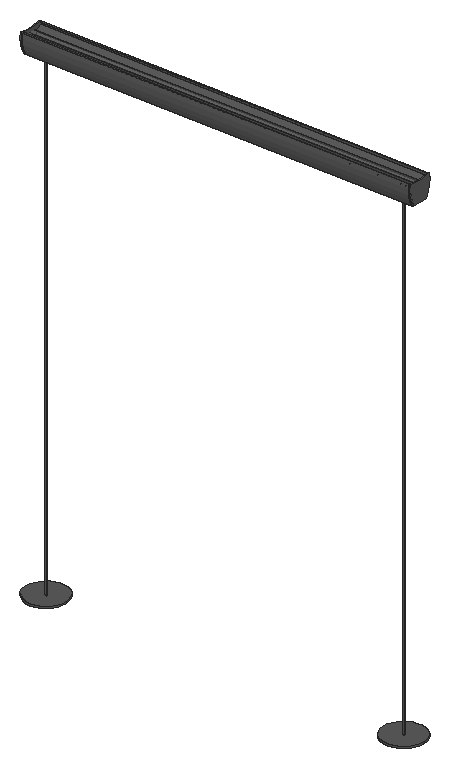
Revit family "ceiling mountttt", category Lighting Fixtures, host Face, Revit 2019
Family settings
  Host = Face
  Round Connector Dimension = Use Diameter
  Part Type = Normal
  OmniClass Number = 23.80.70.11
  OmniClass Title = Luminaries for Internal Lighting
  Cut with Voids When Loaded = No
  Light Source = Yes
  Shared = No
  Room Calculation Point = No
Parameters (values of type "Not a Type - Load Type Catalog!")
  z_End Mount Offset Control [instance] = if(or(Run Option = z_RO Standalone, Run Option = z_RO Start), 0' 0", if(End Mount Offset > Length / 2 - 0' 2 9/32", Length / 2 - 0' 2 9/32", End Mount Offset))  # 0' - 0"
  z_AC10 = Aircraft Cable : with Canopy 10' (AC10)
  z_AC05 = Aircraft Cable : with Canopy 5' (AC05)
  z_RO Start = Run : Start Fixture
  z_RO Standalone = Run : Standalone Fixture
  z_RO Middle = Run : Middle Fixture
  z_RO End = Run : End Fixture
  z_Geometry Position [instance] = 0' - 1 77/256"  # constant formula
  z_Connector Position [instance] = if(or(Run Option = z_RO Standalone, Run Option = z_RO Start), 0' 1 207/256", Length - 0' 1 207/256" - z_End Mount Offset Control)  # 0' - 1 207/256"
  z_Array No 01 [instance] = if(or(Run Option = z_RO Standalone, Run Option = z_RO Start, and(Run Option = z_RO End, [Emergency Circuit - End Fixture])), 3, 2)  # 3
  z_Angle [instance] = 90.00°  # constant formula
  Width = 0' - 3 13/128"  # constant formula
  Weight = 0.00 lbf
  Wattage Comments = "Efficacy up to 142 lm/W"
  Wattage = 9.2903 W
  Voltage Range = ""
  built-in parameter 1150110 = 1 (stored number, unit not read)
  Voltage = 120 V
  URL = "https://starteklightingamerica.com/vibe-2/"
  Type Comments = "Linear Lighting Fixture"  # constant formula
  built-in parameter 1114217 = 1 (stored number, unit not read)
  Tilt Angle = 90.00°  # constant formula
  built-in parameter 1150109 = 1 (stored number, unit not read)
  built-in parameter 1150134 = 3
  built-in parameter 1150113 = 1 (stored number, unit not read)
  z_Stem/Cord Left [instance] = and(or(Run Option = z_RO Start, Run Option = z_RO Standalone), or(Mounting Option = z_AC05, Mounting Option = z_AC10))  # yes
  z_Right Cap [instance] = or(Run Option = z_RO Standalone, Run Option = z_RO End)  # yes
  z_Stem/Cord [instance] = or(Mounting Option = z_AC05, Mounting Option = z_AC10)  # yes
  Run Option [instance] = Run : Standalone Fixture
  Product data url = "https://www.bimobject.com/startek-lighting/product/vibe_direct_indirect"
  Product Material [instance] = StarTek Lighting - Aluminum - Powder Coat Black
  Product Guid = "1c95151e-0864-4ba2-9f0d-cd8a617dbcbe"
  Power Factor = 0.8
  Photometric Web File = "Generic Light Source Shown : Please download and link the IES file that best matches your fixture specification"
  Photometric Note = "Import IES files https://starteklightingamerica.com/"  # constant formula
  Phase = 1
  Number of Poles = 3
  Mounting Option [instance] = Aircraft Cable : with Canopy 5' (AC05)
  Mount Finish Note [instance] = "Aircraft cables with canopy can be ordered in white (ACW) and black (ACB)."  # constant formula
  Mount Finish [instance] = StarTek Lighting - Aluminum - Powder Coat Black
  Model = ""
  z_Min Cord/Rod Length [instance] = 0' - 1"  # constant formula
  z_Max Cord/Rod Length [instance] = if(Mounting Option = z_AC05, 5' 0", if(Mounting Option = z_AC10, 10' 0", 10' 0"))  # 5' - 0"
  Manufacturer = "StarTek Lighting"  # constant formula
  z_Left Mounting Point Distance [instance] = Length / 2 - 0' 0 21/128"  # 1' - 11 107/128"
  built-in parameter 1150105 = 109.82 (stored number, unit not read)
  Lumens = 1380 lm
  built-in parameter 1150115 = 1 (stored number, unit not read)
  built-in parameter 1150137 = (empty or 0)
  built-in parameter 1150139 = (empty or 0)
  Length = 4' - 0"
  z_Left Cap [instance] = or(Run Option = z_RO Standalone, Run Option = z_RO Start)  # yes
  built-in parameter 1150112 = 1 (stored number, unit not read)
  built-in parameter 1150114 = 1 (stored number, unit not read)
  Lamp = "LED"  # constant formula
  Keynote = "16500"
  Input Wattage = 0 W
  built-in parameter 1150132 = 2
  built-in parameter 1150102 = (empty or 0)
  built-in parameter 1150107 = 3200 (stored number, unit not read)
  built-in parameter 1150138 = (empty or 0)
  Indirect Distribution = ""
  built-in parameter 1150106 = 1.0982 (stored number, unit not read)
  Height = 0' - 2 77/128"  # constant formula
  Frequency = 60 Hz
  Field Specified Cable Length Override [instance] = no
  End Mount Offset [instance] = 0' - 0"
  Emit from Rectangle Width = 0' - 1 95/256"  # constant formula
  Emit from Rectangle Length = Length  # 4' - 0"
  Emit Shape Visible in Rendering = no
  Emergency Circuit - End Fixture [instance] = no
  built-in parameter 1150104 = 13.8 (stored number, unit not read)
  Edition number = 1
  Direct Distribution = ""
  Dimming Lamp Color Temperature Shift = <None>
  Description = "Vibe Direct/Indirect"  # constant formula
  Electrical Disconnect = yes
  Default Elevation = 4' - 0"
  z_Cord/rod length parameter [instance] = if(and(not(Field Specified Cable Length Override), Mounting Option = z_AC05), 5' 0", if(and(not(Field Specified Cable Length Override), Mounting Option = z_AC10), 10' 0", if(and(Field Specified Cable Length Override, [Cord/Rod Length] > [z_Max Cord/Rod Length]), [z_Max Cord/Rod Length], if(and(Field Specified Cable Length Override, [Cord/Rod Length] < [z_Min Cord/Rod Length]), [z_Min Cord/Rod Length], [Cord/Rod Length]))))  # 5' - 0"
  Cord/Rod Length [instance] = 5' - 0"
  Color Filter = 16777215
  CRI = "80"
  built-in parameter 1114218 = 1 (stored number, unit not read)
  built-in parameter 1150133 = 10 (stored number, unit not read)
  Color [instance] = "Available Options: Powder Coat White (PW), Powder Coat Black (PB), Powder Coat Silver (PS), Powder Coat Other (PO)"  # constant formula
  Assembly Code = "D5020200"
  Apparent Load = Input Wattage / (Power Factor * Number of Poles)  # 0 VA
  z_AC [instance] = or(Mounting Option = z_AC05, Mounting Option = z_AC10)  # yes
Reference planes (in)
  plane 1 "Center (Front/Back)": y = 0
  plane 2: z = 0
  plane 3 "Center (Left/Right)": x = 0
  plane 4: z = 60
  plane 5: x = -22.19
  plane 6: x = -24
  plane 7: x = 24
  plane 8: x = -23.63
  plane 9: x = 23.63
  plane 10: x = -22.19141
  plane 11: z = 61.30078
  plane 12: x = 22.19
  plane 13: x = 22.19
Dimensions and locks (in)
  "z_Cord/rod length parameter": plane 4 to plane 2
  equal spacing: plane 6, plane 3 "Center (Left/Right)", plane 7
  "Length": plane 6 to plane 7
  locked: plane 9 to plane 7 at 0.37
  locked: nested 4 to plane 6 at 8
  equal spacing: group 1, group 2, group 3  (x3)
  "z_Geometry Position": plane 11 to plane 4
  "z_Connector Position": plane 6 to plane 10
  locked: plane 5 to plane 6 at 1.81
  "z_End Mount Offset Control": plane 13 to plane 12
  locked: plane 7 to plane 13 at 1.81
  locked: plane 11 to imposter light at 0.30007
  aligned and locked: plane 2 to host face
  aligned and locked: level to host face
  aligned and locked: plane 3 "Center (Left/Right)" to nested 1
  aligned and locked: plane 1 "Center (Front/Back)" to nested 3
  aligned and locked: plane 1 "Center (Front/Back)" to nested 2
  aligned and locked: imposter light to plane 3 "Center (Left/Right)"
  aligned and locked: plane 1 "Center (Front/Back)" to nested 4
  aligned and locked: plane 10 to nested 6
  aligned and locked: plane 1 "Center (Front/Back)" to nested 6
  aligned and locked: plane 5 to nested 2
  aligned and locked: plane 12 to nested 3
Automatic sketch dimensions
  host sketch curve to host sketch curve = 8' - 0"  (x2)
Nested families (in)
  nested 1: "Geometry" at (0, 0, 61.30078) x (1, 0, 0) z (0, 0, -1), Left Cap <- "z_Left Cap", Right Cap <- "z_Right Cap", type "Geometry"
    with Right Cap yes, Mounting Height 8' - 0", Left Cap yes
  nested 2: "Aircraft Cable" at (-22.19, 0, 0), visible <- "z_Stem/Cord Left", type <- "Mounting Option", type "with Canopy 5' (AC05)"
    with Cord length 5' - 0"
  nested 3: "Aircraft Cable" at (22.19, 0, 0), visible <- "z_Stem/Cord", type <- "Mounting Option", type "with Canopy 5' (AC05)"
    with Cord length 5' - 0"
  nested 4: "Connection" at (-32, 0, 0), type "Connection"
  nested 5: "Connection" at (-27.0957, 0, 0), type "Connection"
  nested 6: "Connection" at (-22.19141, 0, 0), type "Connection"
Connectors (in)
  electrical at (-22.19141, 0, 0), driven by "Number of Poles", driven by "Voltage", driven by "Apparent Load", driven by "Power Factor", driven by "Apparent Load", driven by "Apparent Load", driven by "Apparent Load"
    settings: on nested 6, index 2, voltage 120 V, apparent load 0 VA, apparent load phase1 0 VA, apparent load phase2 0 VA, apparent load phase3 0 VA, power factor 0.8, load classification "Other", number of poles 3, system type 31, power factor state 1, is connector primary yes, connector utility no, sub classification motor no, connector description "Connector for Electrical Power"
Definition of nested family "Geometry"
  Parameters (values of type "Geometry")
    Width = 0' - 4.62"
    Right Cap [instance] = yes
    Mounting Height [instance] = 8' - 0"
    Manufacturer = "https://www.arcat.com/arcatcos/cos51/arc51781.html"  # constant formula
    Length = 4' - 0"
    Left Cap [instance] = yes
    Housing Material = none
    Default Elevation = 4' - 0"
  Reference planes (in)
    plane 1 "Light Source Axis (F/B)": y = 0
    plane 2: z = 0
    plane 3 "Light Source Axis (L/R)": x = 0
    plane 4 "Light Source Elevation": z = 0
    plane 5: x = -24.19
    plane 6: x = 24.19
    plane 7: x = -24
    plane 8: x = 24
    plane 9: z = 1.3
    plane 10: z = -1.3
  Forms (in)
    Extrusion 1, solid, material <- "Housing Material"
      sketch origin (0, 0, -94.40625) x (0, 1, 0) y (0, 0, 1)
        loop
          arc (1.44583, 93.10625) -> (1.45234, 94.44782) -> (0.98738, 95.70625) r 3.75952
          line (0.98738, 95.70625) -> (0.89695, 95.70625)
          arc (0.89695, 95.70625) -> (1.32076, 94.72813) -> (1.43984, 93.66881) r 3.60337
          line (1.43984, 93.66881) -> (0.73732, 93.95981) -> (0.73732, 94.37931) -> (0.54619, 94.37931) -> (0.54619, 94.27931) -> (0.68732, 94.27931) -> (0.68732, 93.90793) -> (0.59506, 93.74814) -> (1.42062, 93.40618)
          arc (1.42062, 93.40618) -> (1.40209, 93.26391) -> (1.37791, 93.12249) r 3.60337
          arc (1.37791, 93.12249) -> (1.4119, 93.11447) -> (1.44583, 93.10625) r 6.07111
        loop
          arc (-1.44583, 93.10625) -> (-1.4119, 93.11447) -> (-1.37791, 93.12249) r 6.07111
          arc (-1.37791, 93.12249) -> (-1.40209, 93.26391) -> (-1.42062, 93.40618) r 3.60337
          line (-1.42062, 93.40618) -> (-0.59506, 93.74814) -> (-0.68732, 93.90793) -> (-0.68732, 94.27931) -> (-0.54619, 94.27931) -> (-0.54619, 94.37931) -> (-0.73732, 94.37931) -> (-0.73732, 93.95981) -> (-1.43984, 93.66881)
          arc (-1.43984, 93.66881) -> (-1.32076, 94.72813) -> (-0.89695, 95.70625) r 3.60337
          line (-0.89695, 95.70625) -> (-0.98738, 95.70625)
          arc (-0.98738, 95.70625) -> (-1.45234, 94.44782) -> (-1.44583, 93.10625) r 3.75952
      from -24 to 24
    Extrusion 2, solid
      sketch origin (0, 0, -94.40625) x (0, 1, 0) y (0, 0, 1)
        loop
          line (0.59506, 93.74814) -> (0.68732, 93.90793) -> (0.68732, 94.27931) -> (0.44619, 94.27931) -> (0.44619, 94.7) -> (-0.44619, 94.7) -> (-0.44619, 94.27931) -> (-0.68732, 94.27931) -> (-0.68732, 93.90793) -> (-0.59506, 93.74814)
          arc (-0.59506, 93.74814) -> (-0.5138, 93.64625) -> (-0.39027, 93.60474) r 0.23042
          line (-0.39027, 93.60474) -> (0.39027, 93.60474)
          arc (0.39027, 93.60474) -> (0.5138, 93.64625) -> (0.59506, 93.74814) r 0.23042
        loop
          arc (-1.0288, 95.47625) -> (-1.05447, 95.42645) -> (-1.07937, 95.37625) r 3.60337
          line (-1.07937, 95.37625) -> (1.07937, 95.37625)
          arc (1.07937, 95.37625) -> (1.05447, 95.42645) -> (1.0288, 95.47625) r 3.60337
          line (1.0288, 95.47625) -> (-1.0288, 95.47625)
      from -24 to 24
    Extrusion 3, solid, material <- "Housing Material", visible <- "Right Cap"
      sketch origin (0, 0, -94.40625) x (0, 1, 0) y (0, 0, 1)
        loop
          line (0.98738, 95.70625) -> (-0.98738, 95.70625)
          arc (-0.98738, 95.70625) -> (-1.45234, 94.44782) -> (-1.44583, 93.10625) r 3.75952
          arc (-1.44583, 93.10625) -> (0, 93.28093) -> (1.44583, 93.10625) r 6.07111
          arc (1.44583, 93.10625) -> (1.45234, 94.44782) -> (0.98738, 95.70625) r 3.75952
      from 24 to 24.19
    Extrusion 4, solid, material <- "Housing Material", visible <- "Left Cap"
      sketch origin (0, 0, -94.40625) x (0, 1, 0) y (0, 0, 1)
        loop
          line (0.98738, 95.70625) -> (-0.98738, 95.70625)
          arc (-0.98738, 95.70625) -> (-1.45234, 94.44782) -> (-1.44583, 93.10625) r 3.75952
          arc (-1.44583, 93.10625) -> (0, 93.28093) -> (1.44583, 93.10625) r 6.07111
          arc (1.44583, 93.10625) -> (1.45234, 94.44782) -> (0.98738, 95.70625) r 3.75952
      from -24.19 to -24
  Lines and regions (in)
    Masking region 1
      outline origin (0, 0, 0) x (1, 0, 0) y (0, 1, 0)
        loop
          line (-24, 1.50994) -> (-24, -1.50781) -> (24, -1.50781) -> (24, 1.50994) -> (-24, 1.50994)
    Masking region 2, visible <- "Left Cap"
      outline origin (0, 0, 0) x (1, 0, 0) y (0, 1, 0)
        loop
          line (-24.19, 1.51064) -> (-24.19, -1.5087) -> (-24, -1.5087) -> (-24, 1.51064) -> (-24.19, 1.51064)
    Masking region 3, visible <- "Right Cap"
      outline origin (0, 0, 0) x (1, 0, 0) y (0, 1, 0)
        loop
          line (24, 1.50964) -> (24, -1.5088) -> (24.19, -1.5088) -> (24.19, 1.50964) -> (24, 1.50964)
    Masking region 4, detail levels medium+fine
      outline origin (0, 0, 0) x (1, 0, 0) y (0, 1, 0)
        loop
          line (-24, 0.98738) -> (-24, -0.98738) -> (24, -0.98738) -> (24, 0.98738) -> (-24, 0.98738)
  Dimensions and locks (in)
    equal spacing: plane 5, plane 3 "Light Source Axis (L/R)", plane 6
    locked: plane 5 to plane 7 at 0.19
    locked: plane 8 to plane 6 at 0.19
    "Length": plane 7 to plane 8
    aligned and locked: level to plane 2
    aligned and locked: Masking region 1 to plane 8
    aligned and locked: plane 5 to Masking region 2 sketch curve
    aligned and locked: plane 7 to Masking region 2 sketch curve
    aligned and locked: Masking region 3 sketch curve to plane 6
    aligned and locked: Masking region 3 sketch curve to plane 8
    aligned and locked: plane 7 to Extrusion 1
    aligned and locked: Extrusion 1 to plane 8
    aligned and locked: Extrusion 2 to plane 8
    aligned and locked: plane 7 to Extrusion 2
    aligned and locked: Extrusion 3 to plane 6
    aligned and locked: plane 8 to Extrusion 3
    aligned and locked: Masking region 4 sketch curve to plane 7
    aligned and locked: plane 8 to Masking region 4 sketch curve
    aligned and locked: Extrusion 4 to plane 7
    aligned and locked: Extrusion 4 to plane 5
  Automatic sketch dimensions
    Masking region 1 sketch curve to plane 7 = 0' - 0"
    Masking region 1 sketch curve to plane 8 = 0' - 0"
    plane 1 "Light Source Axis (F/B)" to Masking region 1 sketch curve = 0' - 1 65/128"
    Masking region 1 sketch curve to plane 1 "Light Source Axis (F/B)" = 0' - 1.50994"
    plane 1 "Light Source Axis (F/B)" to Masking region 2 sketch curve = 0' - 1.5087"
    Masking region 2 sketch curve to plane 1 "Light Source Axis (F/B)" = 0' - 1.51064"
    plane 1 "Light Source Axis (F/B)" to Masking region 3 sketch curve = 0' - 1.5088"
    Masking region 3 sketch curve to plane 1 "Light Source Axis (F/B)" = 0' - 1.50964"
    Extrusion 1 sketch curve to Extrusion 1 sketch curve = 0' - 0"  (x6)
    Extrusion 1 sketch curve to plane 10 = 0' - 0"  (x2)
    Extrusion 1 sketch curve to plane 9 = 0' - 0"  (x2)
    Extrusion 1 sketch curve to plane 1 "Light Source Axis (F/B)" = 0' - 0"
    Extrusion 1 sketch curve to level = 0' - 0.02694"  (x2)
    plane 1 "Light Source Axis (F/B)" to Extrusion 1 sketch curve = 0' - 0.54619"
    Extrusion 1 sketch curve to Extrusion 1 sketch curve = 0' - 0.04887"  (x2)
    Extrusion 1 sketch curve to Extrusion 1 sketch curve = 0' - 0.09226"
    Extrusion 1 sketch curve to Extrusion 1 sketch curve = 0' - 0.05"  (x2)
    plane 1 "Light Source Axis (F/B)" to Extrusion 1 sketch curve = 0' - 0.89695"
    Extrusion 1 sketch curve to Extrusion 1 sketch curve = 0' - 0.09043"  (x2)
    plane 10 to Extrusion 1 sketch curve = 0' - 0.29993"  (x2)
    Extrusion 1 sketch curve to Extrusion 1 sketch curve = 0' - 0.6833"  (x2)
    plane 10 to Extrusion 1 sketch curve = 0' - 0.56256"  (x2)
    Extrusion 1 sketch curve to Extrusion 1 sketch curve = 0' - 0.01922"  (x2)
    Extrusion 1 sketch curve to Extrusion 1 sketch curve = 0' - 0.72128"
    Extrusion 1 sketch curve to Extrusion 1 sketch curve = 0' - 0.08893"  (x2)
    Extrusion 1 sketch curve to level = 0' - 0.12694"
    Extrusion 1 sketch curve to plane 1 "Light Source Axis (F/B)" = 0' - 0.54619"
    Extrusion 1 sketch curve to Extrusion 1 sketch curve = 0' - 0.14113"
    Extrusion 1 sketch curve to plane 1 "Light Source Axis (F/B)" = 0' - 0.89695"
    Extrusion 1 sketch curve to level = 0' - 0.6059"
    Extrusion 1 sketch curve to plane 10 = 0' - 5.89644"
    Extrusion 1 sketch curve to Extrusion 1 sketch curve = 0' - 0.53118"
    Extrusion 1 sketch curve to Extrusion 1 sketch curve = 0' - 0.63118"
    Extrusion 1 sketch curve to Extrusion 1 sketch curve = 0' - 0.00537"  (x2)
    Extrusion 1 sketch curve to Extrusion 1 sketch curve = 0' - 0.15979"  (x2)
    Extrusion 1 sketch curve to Extrusion 1 sketch curve = 0' - 0.05188"  (x2)
    Extrusion 1 sketch curve to Extrusion 1 sketch curve = 0' - 0.1"
    Extrusion 2 sketch curve to level = 0' - 0.6059"  (x2)
    plane 1 "Light Source Axis (F/B)" to Extrusion 2 sketch curve = 0' - 2.16112"
    Extrusion 2 sketch curve to plane 9 = 0' - 0.33"
    plane 1 "Light Source Axis (F/B)" to Extrusion 2 sketch curve = 0' - 1.07937"
    Extrusion 2 sketch curve to Extrusion 2 sketch curve = 0' - 0.05057"  (x2)
    Extrusion 2 sketch curve to level = 0' - 0.12694"  (x2)
    plane 1 "Light Source Axis (F/B)" to Extrusion 2 sketch curve = 0' - 0.68732"
    Extrusion 2 sketch curve to Extrusion 2 sketch curve = 0' - 0.09226"
    Extrusion 2 sketch curve to Extrusion 2 sketch curve = 0' - 0.24113"  (x2)
    Extrusion 2 sketch curve to Extrusion 2 sketch curve = 0' - 0.20479"
    Extrusion 2 sketch curve to Extrusion 2 sketch curve = 0' - 0.00863"  (x2)
    Extrusion 2 sketch curve to plane 1 "Light Source Axis (F/B)" = 0' - 0.38164"
    Extrusion 2 sketch curve to plane 1 "Light Source Axis (F/B)" = 0' - 0.44619"
    Extrusion 2 sketch curve to Extrusion 2 sketch curve = 0' - 0.21342"
    Extrusion 2 sketch curve to Extrusion 2 sketch curve = 0' - 0.58262"
    Extrusion 2 sketch curve to Extrusion 2 sketch curve = 0' - 0.53118"
    Extrusion 2 sketch curve to level = 0' - 0.65811"
    Extrusion 2 sketch curve to Extrusion 2 sketch curve = 0' - 0.14339"
    Extrusion 2 sketch curve to Extrusion 2 sketch curve = 0' - 0.15979"  (x2)
    level to Extrusion 2 sketch curve = 0' - 0.29375"
    Extrusion 3 sketch curve to plane 10 = 0' - 0"  (x2)
    Extrusion 3 sketch curve to plane 9 = 0' - 0"
    Extrusion 3 sketch curve to plane 1 "Light Source Axis (F/B)" = 0' - 0"
    plane 1 "Light Source Axis (F/B)" to Extrusion 3 sketch curve = 0' - 0.98738"
    Extrusion 3 sketch curve to level = 0' - 0.61127"  (x2)
    plane 1 "Light Source Axis (F/B)" to Extrusion 3 sketch curve = 0' - 2.25006"
    Extrusion 3 sketch curve to plane 1 "Light Source Axis (F/B)" = 0' - 0.98738"
    Extrusion 3 sketch curve to plane 10 = 0' - 5.89644"
    plane 1 "Light Source Axis (F/B)" to Masking region 4 sketch curve = 0' - 0.98738"
    Masking region 4 sketch curve to plane 1 "Light Source Axis (F/B)" = 0' - 0.98738"
    Extrusion 4 sketch curve to plane 10 = 0' - 0"  (x2)
    Extrusion 4 sketch curve to plane 9 = 0' - 0"
    Extrusion 4 sketch curve to plane 1 "Light Source Axis (F/B)" = 0' - 0"
    plane 1 "Light Source Axis (F/B)" to Extrusion 4 sketch curve = 0' - 0.98738"
    Extrusion 4 sketch curve to level = 0' - 0.61127"  (x2)
    plane 1 "Light Source Axis (F/B)" to Extrusion 4 sketch curve = 0' - 2.25006"
    Extrusion 4 sketch curve to plane 1 "Light Source Axis (F/B)" = 0' - 0.98738"
    Extrusion 4 sketch curve to plane 10 = 0' - 5.89644"
Definition of nested family "Aircraft Cable"
  Parameters (values of type "with Canopy 5' (AC05)")
    Height = 0' - 0"
    Default Elevation = 4' - 0"
    Cord material = none
    MAX cord length = 5' - 0"
    Cord length = 0' - 6"
    Canopy = yes
  Types (2): name | MAX cord length
    with Canopy 5' (AC05) | 5' - 0"
    with Canopy 10' (AC10) | 10' - 0"
  Reference planes (in)
    plane 1 "Center (Front/Back)": y = 0
    plane 2: z = 0
    plane 3 "Center (Left/Right)": x = 0
    plane 4 "canopy plane": z = 6
  Forms (in)
    Extrusion 1, solid, material <- "Cord material"
      sketch origin (0, 0, 0) x (1, 0, 0) y (0, 1, 0)
        loop
          circle (0, 0) r 0.09375
      from 0 to 6
    Extrusion 2, solid, material <- "Cord material", visible <- "Canopy"
      sketch origin (0, 0, 0.19141) x (-1, 0, 0) y (0, -1, 0)
        loop
          circle (0, 0) r 2.5
      from 0 to -0.19141
    Extrusion 3, solid, material <- "Cord material", visible <- "Canopy", not visible
      sketch origin (0, 0, 36) x (-1, 0, 0) y (0, -1, 0)
        loop
          circle (0, 0) r 2.5
      from 0 to -0.19141
  Dimensions and locks (in)
    "Cord length": plane 4 "canopy plane" to plane 2
    aligned and locked: plane 2 to level
    aligned and locked: plane 4 "canopy plane" to Extrusion 1
    aligned and locked: Extrusion 2 to plane 2
  Automatic sketch dimensions
    plane 1 "Center (Front/Back)" to Extrusion 1 sketch curve = 0' - 0"
    Extrusion 1 sketch curve to plane 3 "Center (Left/Right)" = 0' - 0"
    radius of Extrusion 1 sketch curve = 0' - 0 3/32"
    radius of Extrusion 2 sketch curve = 0' - 2 1/2"
    radius of Extrusion 3 sketch curve = 0' - 2 1/2"
Definition of nested family "Connection"
  Parameters (values of type "Connection")
    Default Elevation = 4' - 0"
  Reference planes (in)
    plane 1 "Center (Front/Back)": y = 0
    plane 2: z = 0
    plane 3 "Center (Left/Right)": x = 0
  Forms (in)
    Extrusion 1, solid
      sketch origin (0, 0, 0) x (1, 0, 0) y (0, 1, 0)
        loop
          line (-48, 48) -> (-48, -48) -> (48, -48) -> (48, 48) -> (-48, 48)
      from 0 to -12
    Extrusion 2, solid, not visible
      sketch origin (0, 0, 0) x (1, 0, 0) y (0, 1, 0)
        loop
          circle (0, 0) r 0.7874
      from 0 to -0.45531
  Dimensions and locks (in)
    aligned and locked: plane 2 to Extrusion 1
    aligned and locked: level to Extrusion 1
